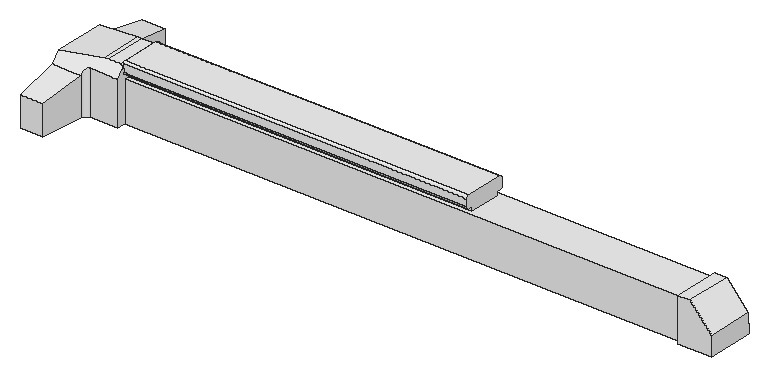
Revit family "Door-Hardware_Exit-Device_Hager_4600", category Specialty Equipment, Revit 2026
Family settings
  Round Connector Dimension = Use Diameter
  Part Type = Normal
  Classification Number = 23.30.40.31
  Work Plane-Based = Yes
  Enable Cutting in Views = No
  Always vertical = No
  Cut with Voids When Loaded = No
  Maintain Annotation Orientation = No
  Shared = Yes
  Room Calculation Point = No
Parameters (values of type "Electric Rim Device Fire Rated")
  Warranty Duration (Years) = 0
  Unit Width [instance] = 2' - 10 3/8"
  Unit Width Considerations [instance] = "Certain Functions have minimum widths. Consult Hager for more information."  # constant formula
  URL = "http://www.hagerco.com/"
  Strike Plate Type [instance] = ""
  Standards Conformance = "Grade 1  ;  BHMA ANSI 156.3  ;  Panic Hardware  ;  3 HR A Label  ;  UL 10C/B"
  Specification = "http://www.arcat.com/sdspecs/htm04/08_71_00hco.htm"
  SpecWizard = ""
  Send Message = ""
  Sales Information = "http://www.hagerco.com/contact-us.aspx"
  Revision = "R1_2015-10"
  Pushplate Length [instance] = if([36in Base Model], 1' 6 5/32", 2' 0")  # 1' - 6 5/32"
  Product Properties = ""
  Product Data = "http://www.arcat.com/arcatcos/cos32/arc32922.html"
  Operating Temperature Range = "Interior - Exterior"
  Model = "4601RIMFRxxx"
  Manufacturer Website = "http://www.hagerco.com/"
  Manufacturer Phone - Toll Free = "800-325-9995"
  Manufacturer Phone = "314-772-4400"
  Manufacturer Fax = "800-782-0149"
  Manufacturer Address = "139 Victor St.  St. Louis, MO 63104"
  Manufacturer = "Hager Companies"
  Maintenance Schedule (Months) = 0
  Latchbolt Type [instance] = ""
  Keynote = "087100"
  Keying Type [instance] = ""
  Keying Function [instance] = ""
  Installation-Fabrication = ""
  Installation Phase = ""
  Green Building-LEED = ""
  Function Type [instance] = ""
  Function Description [instance] = ""
  Fixture Finish [instance] = Metal - Standard US Finish as Specified
  Expected Lifespan (Years) = 0
  Drawn By = "Sumex Design, Inc. / Robert S. Weygant, CSI, CDT, SCIP"
  Door Thickness [instance] = 0' - 1 3/4"
  Description = "Hager Grade 1 Electric Exit Device - 4600 Series 4601RIMFRxxx as Specified"
  Default Unit Width [instance] = if([36in Base Model], 2' 10 3/8", 3' 9 13/64")  # 2' - 10 3/8"
  Default Elevation = 0' - 0"  # constant formula
  Cylinder Type [instance] = ""
  Copyright = "©Arcat Inc."
  Construction Details = ""
  Backset [instance] = 0' - 2 3/4"
  Available Options [instance] = ""
  Assembly Code = "C1020410"
  48in Base Model [instance] = not([36in Base Model])  # no
  36in Base Model [instance] = yes
Types (4): name | Standards Conformance | Model | Description
  Electric Rim Device Fire Rated | "Grade 1  ;  BHMA ANSI 156.3  ;  Panic Hardware  ;  3 HR A Label  ;  UL 10C/B" | "4601RIMFRxxx" | "Hager Grade 1 Electric Exit Device - 4600 Series 4601RIMFRxxx as Specified"
  Electric Rim Device Non Fire Rated | "Grade 1  ;  BHMA ANSI 156.3  ;  Panic Hardware  ;  UL 10C/B" | "4601RIM0xxx" | "Hager Grade 1 Electric Exit Device - 4600 Series 4601RIM0xxx as Specified"
  Rim Device Fire Rated | "Grade 1  ;  BHMA ANSI 156.3  ;  Panic Hardware  ;  3 HR A Label  ;  UL 10C/B" | "4601RIMFRxxx" | "Hager Grade 1 Exit Device - 4600 Series 4601RIMFRxxx as Specified"
  Rim Device Non Fire Rated | "Grade 1  ;  BHMA ANSI 156.3  ;  Panic Hardware  ;  UL 10C/B" | "4601RIM0xxx" | "Hager Grade 1 Exit Device - 4600 Series 4601RIM0xxx as Specified"
Reference planes (in)
  plane 1 "Handle CL": y = 0
  plane 2 "Bottom": z = 0
  plane 3 "Center Rig": x = 0
  plane 4: z = 0
  plane 5: x = -0.75
  plane 6: x = 33.625
  plane 7: x = 2.5
  plane 8: x = 20.65625
  plane 9: x = 31.875
Forms (in)
  Extrusion 1, solid, material "Metal - Standard US Finish as Specified" <- "Fixture Finish"
    sketch origin (0, 0, 0) x (1, 0, 0) y (0, 1, 0)
      loop
        arc (-0.64748, 4.01562) -> (-0.72436, 2.88397) -> (-0.75, 1.75) r 25.08686
        line (-0.75, 1.75) -> (-0.75, -1.75)
        arc (-0.75, -1.75) -> (-0.72436, -2.88397) -> (-0.64748, -4.01563) r 25.08686
        line (-0.64748, -4.01563) -> (0.55161, -4.01563)
        arc (0.55161, -4.01563) -> (0.70031, -2.88715) -> (0.75, -1.75) r 13.03596
        arc (0.75, -1.75) -> (0.82322, -1.57322) -> (1, -1.5) r 0.25
        line (1, -1.5) -> (2.5, -1.5) -> (2.5, 1.5) -> (1, 1.5)
        arc (1, 1.5) -> (0.82322, 1.57322) -> (0.75, 1.75) r 0.25
        arc (0.75, 1.75) -> (0.70031, 2.88715) -> (0.55161, 4.01562) r 13.03596
        line (0.55161, 4.01562) -> (-0.64748, 4.01562)
    from 0 to 3
  Extrusion 2, void
    sketch origin (0, 0, 0) x (1, 0, 0) y (0, 0, 1)
      loop
        line (2.5, 3) -> (-0.75, 3) -> (-0.75, 2.51562) -> (1.48246, 2.81378)
        arc (1.48246, 2.81378) -> (1.5901, 2.82454) -> (1.69821, 2.82812) r 1.62973
        line (1.69821, 2.82812) -> (2.3125, 2.82812)
        arc (2.3125, 2.82812) -> (2.44508, 2.77321) -> (2.5, 2.64062) r 0.1875
        line (2.5, 2.64062) -> (2.5, 3)
    from -2 to 2
  Extrusion 3, solid, material "Metal - Standard US Finish as Specified" <- "Fixture Finish"
    sketch origin (0, 0, 0) x (1, 0, 0) y (0, 0, 1)
      loop
        line (33.625, 0) -> (33.625, 1.00083) -> (32.47844, 2.28125) -> (31.875, 2.28125) -> (31.875, 0) -> (33.625, 0)
    from -1.21875 to 1.21875
  Extrusion 4, solid, material "Metal - Standard US Finish as Specified" <- "Fixture Finish"
    sketch origin (0, 0, 0) x (0, 1, 0) y (0, 0, 1)
      loop
        line (1.0625, 0) -> (1.0625, 2.15577) -> (0.8125, 2.15577) -> (0.8125, 2.36322) -> (1.01601, 2.36322)
        arc (1.01601, 2.36322) -> (1.1044, 2.39983) -> (1.14101, 2.48822) r 0.125
        line (1.14101, 2.48822) -> (1.14101, 2.875)
        arc (1.14101, 2.875) -> (1.1044, 2.96339) -> (1.01601, 3) r 0.125
        line (1.01601, 3) -> (-1.01601, 3)
        arc (-1.01601, 3) -> (-1.1044, 2.96339) -> (-1.14101, 2.875) r 0.125
        line (-1.14101, 2.875) -> (-1.14101, 2.48822)
        arc (-1.14101, 2.48822) -> (-1.1044, 2.39983) -> (-1.01601, 2.36322) r 0.125
        line (-1.01601, 2.36322) -> (-0.8125, 2.36322) -> (-0.8125, 2.15577) -> (-1.0625, 2.15577) -> (-1.0625, 0) -> (1.0625, 0)
    from 2.5 to 20.65625
  Extrusion 5, solid, material "Metal - Standard US Finish as Specified" <- "Fixture Finish"
    sketch origin (0, 0, 0) x (0, 1, 0) y (0, 0, 1)
      loop
        line (1.0625, 0) -> (1.0625, 2.15577) -> (-1.0625, 2.15577) -> (-1.0625, 0) -> (1.0625, 0)
    from 20.65625 to 31.875
  Extrusion 6, void
    sketch origin (0, 0, 0) x (0, 1, 0) y (0, 0, 1)
      loop
        line (-1.75, 2) -> (-0.64475, 3.38157) -> (-4.01563, 3.38157) -> (-4.01563, 1.60051) -> (-1.75, 2)
      loop
        line (1.75, 2) -> (4.01562, 1.60051) -> (4.01562, 3.38157) -> (0.64475, 3.38157) -> (1.75, 2)
    from -0.75 to 2.5
Cuts and joins
  Extrusion 6 cuts Extrusion 4
  Extrusion 6 cuts Extrusion 5
  joined: Extrusion 4, Extrusion 5
  Extrusion 2, Extrusion 6 cuts Extrusion 1
Dimensions and locks (in)
  plane 4 to level = 0' - 0"
  "Unit Width": plane 5 to plane 6
  "Pushplate Length": plane 7 to plane 8
  locked: plane 5 to plane 3 "Center Rig" at 0.75
  plane 5 to plane 7 = 0' - 3 1/4"
  locked: plane 9 to plane 6 at 1.75
  aligned and locked: plane 7 to Extrusion 4
  aligned and locked: plane 8 to Extrusion 4
  aligned and locked: Extrusion 5 to plane 9
  aligned and locked: Extrusion 5 to plane 8
  aligned and locked: plane 5 to Extrusion 6
  aligned and locked: Extrusion 6 to plane 7
Automatic sketch dimensions
  Extrusion 3 sketch curve to level = 0' - 0"
  plane 9 to Extrusion 3 sketch curve = 0' - 0"
  Extrusion 3 sketch curve to plane 6 = 0' - 0"
  Extrusion 3 sketch curve to plane 9 = 0' - 0.60344"
  Extrusion 3 sketch curve to Extrusion 3 sketch curve = 0' - 1.00083"
  Extrusion 3 sketch curve to Extrusion 3 sketch curve = 0' - 1.28042"
  Extrusion 4 sketch curve to level = 0' - 0"
  plane 1 "Handle CL" to Extrusion 4 sketch curve = 0' - 1.14101"
  Extrusion 4 sketch curve to Extrusion 4 sketch curve = 0' - 0.07851"
  Extrusion 4 sketch curve to Extrusion 4 sketch curve = 0' - 0 1/8"  (x3)
  Extrusion 4 sketch curve to Extrusion 4 sketch curve = 0' - 0.20351"  (x2)
  Extrusion 4 sketch curve to plane 1 "Handle CL" = 0' - 0 13/16"
  Extrusion 4 sketch curve to Extrusion 4 sketch curve = 0' - 0"  (x2)
  Extrusion 4 sketch curve to plane 1 "Handle CL" = 0' - 1 1/16"
  level to Extrusion 4 sketch curve = 0' - 2.15577"
  Extrusion 4 sketch curve to Extrusion 4 sketch curve = 0' - 0.20745"  (x2)
  Extrusion 4 sketch curve to Extrusion 4 sketch curve = 0' - 0.38678"
  Extrusion 5 sketch curve to level = 0' - 0"
  plane 1 "Handle CL" to Extrusion 5 sketch curve = 0' - 1 1/16"
  Extrusion 5 sketch curve to plane 1 "Handle CL" = 0' - 1 1/16"
  Extrusion 5 sketch curve to Extrusion 5 sketch curve = 0' - 2.15577"
  plane 1 "Handle CL" to Extrusion 6 sketch curve = 0' - 4 1/64"
  plane 1 "Handle CL" to Extrusion 6 sketch curve = 0' - 1 3/4"
  plane 1 "Handle CL" to Extrusion 6 sketch curve = 0' - 0.64475"
  Extrusion 6 sketch curve to plane 1 "Handle CL" = 0' - 0.64475"
  Extrusion 6 sketch curve to plane 1 "Handle CL" = 0' - 1 3/4"
  level to Extrusion 6 sketch curve = 0' - 1.60051"  (x2)
  Extrusion 6 sketch curve to Extrusion 6 sketch curve = 0' - 2 17/64"
  level to Extrusion 6 sketch curve = 0' - 2"  (x2)
  Extrusion 6 sketch curve to Extrusion 6 sketch curve = 0' - 1.78106"
  Extrusion 6 sketch curve to Extrusion 6 sketch curve = 0' - 0"
  Extrusion 1 sketch curve to plane 5 = 0' - 0"
  Extrusion 1 sketch curve to plane 7 = 0' - 0"
  Extrusion 1 sketch curve to plane 1 "Handle CL" = 0' - 1 3/4"  (x2)
  plane 5 to Extrusion 1 sketch curve = 0' - 11.53596"
  Extrusion 1 sketch curve to Extrusion 1 sketch curve = 0' - 0"  (x4)
  Extrusion 1 sketch curve to plane 5 = 0' - 0.10252"  (x2)
  plane 3 "Center Rig" to Extrusion 1 sketch curve = 0' - 0.55161"  (x2)
  plane 3 "Center Rig" to Extrusion 1 sketch curve = 0' - 0 3/4"  (x2)
  Extrusion 1 sketch curve to Extrusion 1 sketch curve = 0' - 0 1/4"  (x2)
  plane 1 "Handle CL" to Extrusion 1 sketch curve = 0' - 1 3/4"
  plane 5 to Extrusion 2 sketch curve = 0' - 0"
  plane 7 to Extrusion 2 sketch curve = 0' - 0"
  plane 7 to Extrusion 2 sketch curve = 0' - 1.01754"
  plane 7 to Extrusion 2 sketch curve = 0' - 0.80179"
  plane 7 to Extrusion 2 sketch curve = 0' - 0 3/16"
  level to Extrusion 2 sketch curve = 0' - 1.1984"
  level to Extrusion 2 sketch curve = 0' - 2 33/64"
  Extrusion 2 sketch curve to Extrusion 2 sketch curve = 0' - 1.44223"
  Extrusion 2 sketch curve to Extrusion 2 sketch curve = 0' - 0 31/64"
